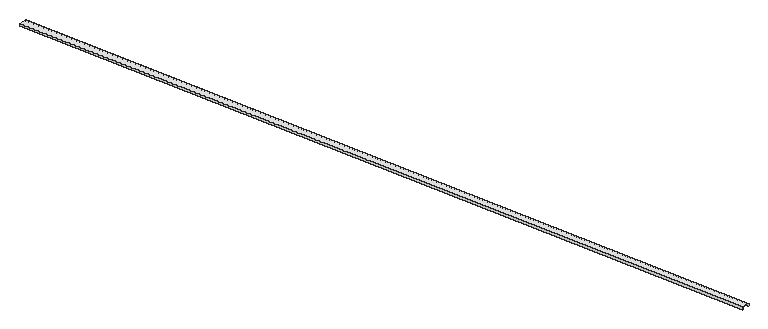
Revit family "GW_振れ止め", category 一般モデル, Revit 2021
Family settings
  鉄筋をホスト可能 = いいえ
  丸型コネクタ寸法 = 直径を使用
  パーツ タイプ = 標準
  作業面ベース = いいえ
  常に垂直 = はい
  ロード時にボイドで切り取り = いいえ
  共有 = いいえ
  部屋計算ポイント = いいえ
Parameters
  長さ [instance] = 4000.0 mm
  製造元 = "双日建材株式会社"
  既定の高さ = 0.0 mm
  マテリアル = 振れ止め
  t = 1.6 mm
  H = 38.0 mm
  A = 12.0 mm
Reference planes
  plane 1 "中心(正面/背面)": y = 0
  plane 2: z = 0
  plane 3 "中心(左/右)": x = 0
  plane 4: y = 19
  plane 5: y = -19
  plane 6: y = -17.4
  plane 7: y = 17.4
  plane 8: x = 4000
  plane 9: z = 6
  plane 10: z = -6
  plane 11: z = 4.4
Forms (mm)
  Extrusion 1, solid, material "振れ止め" <- "マテリアル"
    sketch origin (0, 0, 0) x (0, 1, 0) y (0, 0, 1)
      loop
        line (-19, -6) -> (-17.4, -6) -> (-17.4, 4.4) -> (17.4, 4.4) -> (17.4, -6) -> (19, -6) -> (19, 6) -> (-19, 6) -> (-19, -6)
    from 0 to 4000
Dimensions and locks
  "H": plane 5 to plane 4
  equal spacing: plane 5, plane 1 "中心(正面/背面)", plane 4
  "t": plane 7 to plane 4
  "t": plane 5 to plane 6
  "長さ": plane 3 "中心(左/右)" to plane 8
  "A": plane 9 to plane 10
  equal spacing: plane 9, level, plane 10
  "t": plane 9 to plane 11
  aligned and locked: level to plane 2
  aligned and locked: plane 6 to Extrusion 1 sketch curve
  aligned and locked: Extrusion 1 sketch curve to plane 5
  aligned and locked: plane 4 to Extrusion 1 sketch curve
  aligned and locked: Extrusion 1 sketch curve to plane 7
  aligned and locked: plane 8 to Extrusion 1
  aligned and locked: Extrusion 1 to plane 3 "中心(左/右)"
  aligned and locked: Extrusion 1 sketch curve to plane 9
  aligned and locked: plane 11 to Extrusion 1 sketch curve
  aligned and locked: plane 10 to Extrusion 1 sketch curve  (x2)
